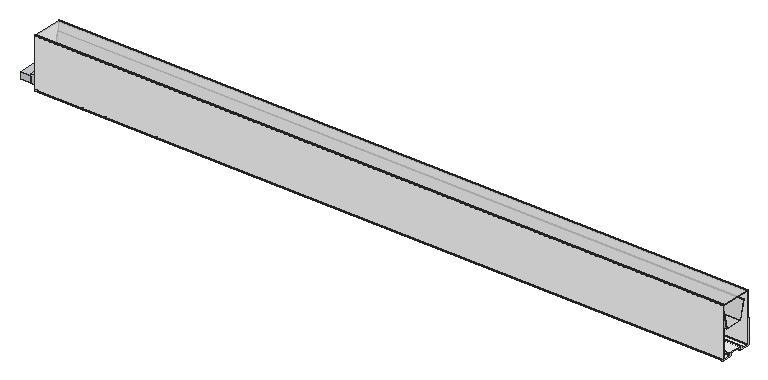
Revit family "2071453", category Lighting Fixtures, host Face, Revit 2022
Family settings
  Host = Face
  Round Connector Dimension = Use Diameter
  Part Type = Normal
  OmniClass Number = 23.80.70.00
  OmniClass Title = Lighting
  Cut with Voids When Loaded = No
  Light Source = Yes
  Maintain Annotation Orientation = No
  Shared = No
  Room Calculation Point = No
Parameters (values of type "MC2 D/I 1.2M 4K DALI WHT PRIS")
  Weight = "3.1 kg"
  Wattage Comments = ""
  Wattage = 29 W
  WarrantyStartDate [instance] = "n/a"
  WarrantyGuarantorParts = "n/a"
  WarrantyDurationUnit = "Years"
  WarrantyDurationParts = "5"
  WarrantyDescription = "http://www.sylvania-group.com"
  built-in parameter 1150110 = 1 (stored number, unit not read)
  Voltage = 230 V
  URL = "http://www.sylvania-group.com"
  TypeName = "Mini Continuum II - Direct/Indirect"
  Type Image = <None>
  Type Comments = "n/a"
  built-in parameter 1114217 = 1 (stored number, unit not read)
  Tilt Angle = -90.00°
  built-in parameter 1150109 = 1 (stored number, unit not read)
  built-in parameter 1150134 = 12
  SuspensionDistance2 = if(NominalLength = 1200 mm, 82 mm, if(NominalLength = 2400 mm, 112 mm, 112 mm))  # 82 mm
  SuspensionDistance1 = if(NominalLength = 1200 mm, 62 mm, if(NominalLength = 2400 mm, 112 mm, 112 mm))  # 62 mm
  built-in parameter 1150113 = 1 (stored number, unit not read)
  SerialNumber [instance] = "n/a"
  Photometric Web File = "2071453.ies"
  PendantMin = 50 mm  # constant formula
  PendantMax = 3000 mm  # constant formula
  PendantLength [instance] = if(MountingHeight < PendantMin, PendantMin, if(MountingHeight > PendantMax, PendantMax, MountingHeight))  # 1500 mm
  MountingHeight [instance] = 1500 mm
  Material_3_SYL = Metal_Sylvania_Mini Contiuum II_Silver
  PowerFactor = 0.95
  PowerConsumption = "29 W"
  NominalLength = 1200 mm
  NominalHeight = 86 mm
  NominalDepth = 54 mm
  Name = "MC2 D/I 1.2M 4K DALI WHT PRIS"
  ModelReference = Name  # "MC2 D/I 1.2M 4K DALI WHT PRIS"
  ModelNumber = "2071453"
  Model = Name  # "MC2 D/I 1.2M 4K DALI WHT PRIS"
  Material = "Aluminium"
  ManufacturerName = Manufacturer  # "Feilo Sylvania"
  Manufacturer = "Feilo Sylvania"
  LuminousEfficacy = "133 lm/W"
  built-in parameter 1150105 = 306.93 (stored number, unit not read)
  Lumens = 3857 lm
  LuminaireType = "Suspended"
  built-in parameter 1150115 = 1 (stored number, unit not read)
  LightOutputRatio = "100"
  built-in parameter 1150137 = (empty or 0)
  built-in parameter 1150139 = (empty or 0)
  LampsType = Lamp  # "LED"
  LampNominalLuminous = "3850 lm"
  LampMacAdamStep = "3"
  LampColourTemperature = "4000 K"
  LampColourRenderingIndex = "80"
  built-in parameter 1150112 = 1 (stored number, unit not read)
  built-in parameter 1150114 = 1 (stored number, unit not read)
  Lamp = "LED"
  Keynote = "16500"
  InstallationDate [instance] = "n/a"
  InputVoltage = "220-240 V"
  InputNominalFrequency = "50/60Hz"
  built-in parameter 1150132 = (empty or 0)
  built-in parameter 1150102 = (empty or 0)
  built-in parameter 1150107 = 4000 (stored number, unit not read)
  built-in parameter 1150138 = (empty or 0)
  IngressProtection = "IP20"
  ImpactProtectionIndex = "IK03"
  built-in parameter 1150106 = 3.0693 (stored number, unit not read)
  IfcExportType = "IfcLightFixtureType"
  IfcExportAs = "IfcLightFixtureType"
  Emit from Rectangle Width = NominalDepth  # 54 mm
  Emit from Rectangle Length = NominalLength  # 1200 mm
  Emit Shape Visible in Rendering = no
  EmergencyLight = no
  ElectricShockClassification = "Class I"
  built-in parameter 1150104 = 12.356 (stored number, unit not read)
  DocumentationLiterature = "https://www.sylvania-lighting.com/product/en-int/products/2071453/"
  DimmingControlOptions = "DALI"
  Material_2_SYL = Polycarbonate_Sylvania_Mini Continuum II_Prismatic_4000K
  Dimming Lamp Color Temperature Shift = <None>
  Description = "MC2 D/I 1.2M 4K DALI WHT PRIS LED luminaire, white RAL9016 finishing, direct/indirect distribution (65/35), various accessories available, compact and minimalist design based on the Golden Mean, ideal for offices, meeting rooms, corridors, education facilities, museums and libraries, extruded aluminium body, diffuser: micro prismatic, colour temperature: 4000K neutral white, total system power: 29W, total fixture output: 3850lm, luminaire efficacy: 133lm/W, LOR: 100%, colour rendering: Ra >80, LED Chromacity: 3 step MacAdam ellipse, lifespan: 66,000 hours L90B10, IR/UV free light source without heat radiation, operating voltage: 220-240V / 50-60Hz, drive current: (Direct) 800mA + (Indirect) 350mA, electronic driver, DALI dimmable, direct/indirect independently addressable, electrical protection: CLASS I, ingress protection rating: IP20, suitable for internal environment only."
  Default Elevation = 1219.2 mm
  CreatedOn = "08/08/2024"
  CreatedBy = "petra.pavlicz@sylvania-lighting.com"
  Cost = 0
  Color Filter = 16777215
  built-in parameter 1114216 [instance] = (empty or 0)
  ClassificationValue = "EF_70_80"
  ClassificationName = "Uniclass2015"
  Material_1_SYL = Metal_Sylvania_Mini Continuum II_White
  BarCode [instance] = "n/a"
  built-in parameter 1114218 = 1 (stored number, unit not read)
  built-in parameter 1150133 = 10 (stored number, unit not read)
  AssetType = "Fixed"
  AssetIdentifier [instance] = "n/a"
  Assembly Code = "D5020200"
  Apparent Load = 30.5 VA
  Material_4_SYL = none
Reference planes
  plane 1 "Center (Front/Back)": y = 0
  plane 2: z = 0
  plane 3 "Center (Left/Right)": x = 0
  plane 4: y = 27
  plane 5: y = -27
  plane 6: x = -600
  plane 7: x = 600
  plane 8 "Fixture top": z = 1414
  plane 9 "Fixture bottom": z = 1500
  plane 10: z = 1487
  plane 11: x = 572
  plane 12: x = -572
  plane 13: x = 597
  plane 14: x = -597
  plane 15: x = -628
  plane 16: x = 518
  plane 17: x = -538
Forms (mm)
  Extrusion 1, solid, material "Polycarbonate_Sylvania_Mini Continuum II_Prismatic_4000K" <- "Material_2_SYL"
    sketch origin (-4.8, 0, 305.049) x (0, 1, 0) y (0, 0, 1)
      loop
        line (22.233, 1181.951) -> (21.206, 1181.951) -> (14.206, 1151.951) -> (-14.206, 1151.951) -> (-21.206, 1181.951) -> (-22.233, 1181.951) -> (-15, 1150.951) -> (15, 1150.951) -> (22.233, 1181.951)
    from -592.2 to 601.8
  Extrusion 2, solid, material "Metal_Sylvania_Mini Continuum II_White" <- "Material_1_SYL", detail levels coarse
    sketch origin (0, 0, 0) x (-1, 0, 0) y (0, -1, 0)
      loop
        line (-600, -27) -> (600, -27) -> (600, 27) -> (-600, 27) -> (-600, -27)
    from 1414 to 1500
  Extrusion 3, solid, material "Metal_Sylvania_Mini Continuum II_White" <- "Material_1_SYL", detail levels medium+fine
    sketch origin (2400, 0, 0) x (0, 1, 0) y (0, 0, -1)
      loop
        line (-25.5, -1500) -> (-25.5, -1416.509)
        arc (-25.5, -1416.509) -> (-25.351, -1416.149) -> (-24.991, -1416) r 0.509
        line (-24.991, -1416) -> (-13.539, -1416)
        arc (-13.539, -1416) -> (-13.158, -1416.158) -> (-13, -1416.539) r 0.539
        line (-13, -1416.539) -> (-13, -1419.915)
        arc (-13, -1419.915) -> (-12.842, -1420.298) -> (-12.459, -1420.456) r 0.541
        line (-12.459, -1420.456) -> (12.459, -1420.456)
        arc (12.459, -1420.456) -> (12.842, -1420.298) -> (13, -1419.915) r 0.541
        line (13, -1419.915) -> (13, -1416.539)
        arc (13, -1416.539) -> (13.158, -1416.158) -> (13.539, -1416) r 0.539
        line (13.539, -1416) -> (24.991, -1416)
        arc (24.991, -1416) -> (25.351, -1416.149) -> (25.5, -1416.509) r 0.509
        line (25.5, -1416.509) -> (25.5, -1500) -> (27, -1500) -> (27, -1414.5)
        arc (27, -1414.5) -> (26.854, -1414.146) -> (26.5, -1414) r 0.5
        line (26.5, -1414) -> (11.52, -1414)
        arc (11.52, -1414) -> (11.152, -1414.152) -> (11, -1414.52) r 0.52
        line (11, -1414.52) -> (11, -1417.926)
        arc (11, -1417.926) -> (10.845, -1418.301) -> (10.47, -1418.456) r 0.53
        line (10.47, -1418.456) -> (-10.47, -1418.456)
        arc (-10.47, -1418.456) -> (-10.845, -1418.301) -> (-11, -1417.926) r 0.53
        line (-11, -1417.926) -> (-11, -1414.52)
        arc (-11, -1414.52) -> (-11.152, -1414.152) -> (-11.52, -1414) r 0.52
        line (-11.52, -1414) -> (-26.5, -1414)
        arc (-26.5, -1414) -> (-26.854, -1414.146) -> (-27, -1414.5) r 0.5
        line (-27, -1414.5) -> (-27, -1500) -> (-25.5, -1500)
    from 3000 to 1800
  Extrusion 4, solid, material "Polycarbonate_Sylvania_Mini Continuum II_Prismatic_4000K" <- "Material_2_SYL"
    sketch origin (0, 0, 0) x (0, 1, 0) y (0, 0, 1)
      loop
        line (-25, 1500) -> (-25, 1498) -> (25, 1498) -> (25, 1500) -> (-25, 1500)
    from -600 to 600
  Extrusion 5, solid
    sketch origin (384.076, 1524, 1219.2) x (0, 1, 0) y (0, 0, 1)
      loop
        line (-1514.443, 215.756) -> (-1547.043, 215.756) -> (-1547.043, 201.256) -> (-1514.443, 201.256) -> (-1514.443, 215.756)
    from -994.076 to -956.076
  Extrusion 6, solid
    sketch origin (319, 1524, 1219.2) x (0, 1, 0) y (0, 0, 1)
      loop
        line (-1514.743, 212.756) -> (-1546.743, 212.756) -> (-1546.743, 201.256) -> (-1514.743, 201.256) -> (-1514.743, 212.756)
    from -947 to -929
Dimensions and locks
  "NominalLength": plane 6 to plane 7
  equal spacing: plane 6, plane 3 "Center (Left/Right)", plane 7
  "NominalHeight": plane 9 "Fixture bottom" to plane 8 "Fixture top"
  equal spacing: plane 4, plane 1 "Center (Front/Back)", plane 5
  "NominalDepth": plane 4 to plane 5
  locked: imposter light to plane 10 at 13
  locked: plane 6 to plane 12 at 28
  locked: plane 11 to plane 7 at 28
  locked: Extrusion 3 sketch curve to Extrusion 3 sketch curve at 2  (x3)
  locked: Extrusion 3 sketch curve to Extrusion 3 sketch curve at 4.456
  locked: Extrusion 3 sketch curve to Extrusion 3 sketch curve at 22
  locked: Extrusion 4 sketch curve to Extrusion 4 sketch curve at 2
  locked: Extrusion 4 sketch curve to Extrusion 4 sketch curve at 50
  locked: plane 13 to plane 7 at 3
  locked: plane 6 to plane 14 at 3
  locked: Extrusion 5 sketch curve to Extrusion 5 sketch curve at 32.6
  locked: Extrusion 5 sketch curve to Extrusion 5 sketch curve at 14.5
  locked: Extrusion 6 sketch curve to Extrusion 6 sketch curve at 32
  Extrusion 6 sketch curve to Extrusion 6 sketch curve = 11.5 mm
  "SuspensionDistance2": plane 16 to plane 7
  "SuspensionDistance1": plane 6 to plane 17
  locked: plane 9 "Fixture bottom" to plane 10 at 13
  "PendantLength": plane 9 "Fixture bottom" to level
  Extrusion 5 to Extrusion 5 = 38 mm
  locked: Extrusion 6 to Extrusion 6 at 11.5
  locked: Extrusion 5 to Extrusion 5 at 38
  locked: Extrusion 6 to Extrusion 5 at 18
  aligned and locked: plane 2 to host face
  aligned and locked: level to host face
  aligned and locked: plane 9 "Fixture bottom" to imposter light
  aligned and locked: plane 10 to Extrusion 1  (x2)
  aligned and locked: plane 4 to Extrusion 2
  aligned and locked: Extrusion 2 to plane 5
  aligned and locked: plane 9 "Fixture bottom" to Extrusion 2
  aligned and locked: Extrusion 2 to plane 8 "Fixture top"
  aligned and locked: Extrusion 3 to plane 6
  aligned and locked: Extrusion 3 to plane 7
  aligned and locked: plane 6 to Extrusion 3
  aligned and locked: plane 7 to Extrusion 4
  aligned and locked: Extrusion 4 to plane 6
  aligned and locked: Extrusion 2 to plane 6
  aligned and locked: plane 7 to Extrusion 2
  aligned and locked: Extrusion 1 to plane 14
  aligned and locked: Extrusion 1 to plane 13
  aligned and locked: Extrusion 6 to Extrusion 3  (x2)
  aligned and locked: Extrusion 5 to Extrusion 3
  aligned and locked: Extrusion 5 to Extrusion 6
  aligned and locked: plane 12 to Extrusion 5
  aligned and locked: plane 8 "Fixture top" to Extrusion 3 sketch curve
Automatic sketch dimensions
  host sketch curve to host sketch curve = 2438.4 mm  (x2)
  Extrusion 1 sketch curve to plane 10 = 0 mm  (x2)
  plane 5 to Extrusion 1 sketch curve = 4.767 mm
  Extrusion 1 sketch curve to Extrusion 1 sketch curve = 1.027 mm  (x2)
  plane 5 to Extrusion 1 sketch curve = 12 mm
  Extrusion 1 sketch curve to Extrusion 1 sketch curve = 0.794 mm  (x2)
  Extrusion 1 sketch curve to plane 4 = 12.794 mm
  Extrusion 1 sketch curve to plane 4 = 5.794 mm
  Extrusion 1 sketch curve to plane 10 = 30 mm
  Extrusion 1 sketch curve to Extrusion 1 sketch curve = 1 mm
  Extrusion 2 sketch curve to plane 5 = 0 mm
  Extrusion 2 sketch curve to plane 7 = 0 mm
  Extrusion 2 sketch curve to plane 6 = 0 mm
  Extrusion 2 sketch curve to plane 4 = 0 mm
  Extrusion 3 sketch curve to plane 5 = 0 mm
  Extrusion 3 sketch curve to plane 8 "Fixture top" = 0 mm
  Extrusion 3 sketch curve to plane 4 = 0 mm
  Extrusion 3 sketch curve to plane 9 "Fixture bottom" = 0 mm  (x2)
  plane 5 to Extrusion 3 sketch curve = 0.5 mm
  Extrusion 3 sketch curve to Extrusion 3 sketch curve = 0.509 mm  (x2)
  Extrusion 3 sketch curve to Extrusion 3 sketch curve = 2.539 mm
  Extrusion 3 sketch curve to Extrusion 3 sketch curve = 0.539 mm  (x2)
  Extrusion 3 sketch curve to Extrusion 3 sketch curve = 0.541 mm
  plane 8 "Fixture top" to Extrusion 3 sketch curve = 0.52 mm
  Extrusion 3 sketch curve to Extrusion 3 sketch curve = 0.53 mm  (x2)
  Extrusion 3 sketch curve to Extrusion 3 sketch curve = 0.52 mm
  Extrusion 3 sketch curve to Extrusion 3 sketch curve = 1.989 mm
  Extrusion 3 sketch curve to Extrusion 3 sketch curve = 1.48 mm
  Extrusion 3 sketch curve to Extrusion 3 sketch curve = 0.5 mm
  Extrusion 4 sketch curve to plane 9 "Fixture bottom" = 0 mm
  plane 5 to Extrusion 4 sketch curve = 2 mm
  plane 5 to Extrusion 6 sketch curve = 4.257 mm
  plane 5 to Extrusion 5 sketch curve = 3.957 mm
  plane 8 "Fixture top" to Extrusion 5 sketch curve = 6.456 mm
  plane 5 to Extrusion 3 sketch curve = 1.5 mm
  Extrusion 3 sketch curve to Extrusion 3 sketch curve = 11.451 mm
  Extrusion 3 sketch curve to plane 4 = 2.009 mm
  plane 8 "Fixture top" to Extrusion 6 sketch curve = 6.456 mm
Connectors
  electrical at (-628, -6.743, 1426.206), driven by "Voltage", driven by "Apparent Load", driven by "PowerFactor"
    settings: on Extrusion 6, index 1, voltage 230 V, apparent load 30.5 VA, apparent load phase1 0 VA, apparent load phase2 0 VA, apparent load phase3 0 VA, power factor 0.95, load classification "Lighting", number of poles 1, system type 30, power factor state 1, is connector primary yes, connector utility no, sub classification motor no, connector description ""
